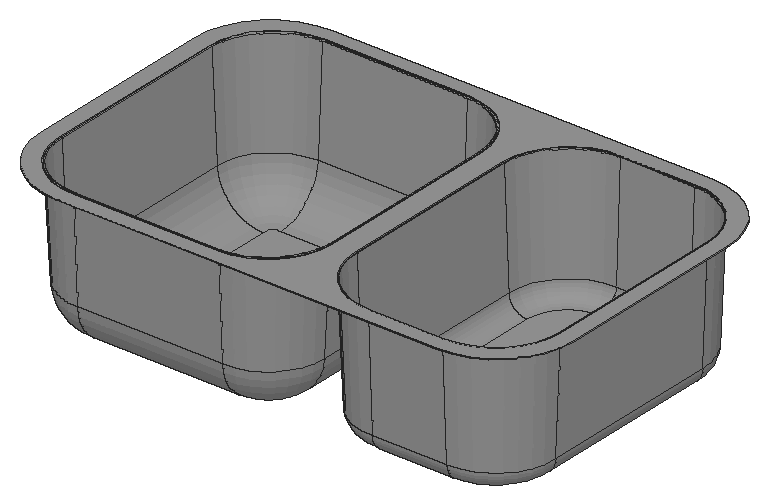
Revit family "Reece_Sink_Posh_Solus MK3_Undermount Sink_1 & 3 Quarters Bowl", category Plumbing Fixtures, host Face, Revit 2018
Family settings
  Host = Face
  Round Connector Dimension = Use Diameter
  Part Type = Normal
  Cut with Voids When Loaded = No
  Shared = Yes
  Room Calculation Point = Yes
Parameters (values of type "0 Taphole_Stainless Steel")
  WFU = 0  # constant formula
  URL = "https://www.reece.com.au/product/-2402565"
  Type Comments = "Undermount Sink"
  Reece_Sink_is_Undermount [instance] = 1 = 1  # yes
  Reece_Sink_Undermount_Offset [instance] = 20 mm
  Reece_Sink_Undermount_Offset_formula [instance] = if(Reece_Sink_Undermount_Offset < 0 mm, 0 mm, if(Reece_Sink_is_Undermount, Reece_Sink_Undermount_Offset + Reece_Sink_Lip Thickness, 0 mm))  # 21 mm
  Reece_Sink_Type = Reece_Sink_Posh_Solus MK3_Undermount Sink_1 & 3 Quarters Bowl_Nested : No Taphole_No Drainer_Stainless Steel
  Reece_Sink_Outlet = 40 mm  # constant formula
  Reece_Sink_Lip Thickness = 1 mm  # constant formula
  Reece_Product_Web Page = "https://www.reece.com.au/product/-2402565"
  Reece_Product_Type = "Undermount Sink"  # constant formula
  Reece_Product_Sub Brand = "Solus MK3"  # constant formula
  Reece_Product_Number = "2402565"
  Reece_Product_Mount = "Undermount"
  Reece_Product_Description = "Posh Solus MK3 1 3/4 Bowl Undermount Sink, No Taphole, Stainless Steel"
  Reece_Product_Brand = "Posh"  # constant formula
  Reece_Overall_Width = 695 mm  # constant formula
  Reece_Overall_Length = 450 mm  # constant formula
  Reece_Overall_Height = 200 mm  # constant formula
  Reece_Overall_Capacity = 40.50 L  # constant formula
  Reece_Material_Secondary = Reece_Metal_Steel
  Reece_Material_Main = Reece_Metal_Steel
  Reece_Detail_Installation = "Undermount"  # constant formula
  Reece_Detail_Disclaimer = "THIS FILE IS THE PROPERTY OF THE REECE GROUP. IT MAY NOT BE REPRODUCED, REVERSE-ENGINEERED OR MODIFIED. ANY REPUBLICATION, TRANSMISSION OR DISTRIBUTION FOR THE PURPOSE OF COMMERCIALLY EXPLOITING THE FILES IS PROHIBITED."  # constant formula
  Reece_Detail_Connector = "No Taphole"  # constant formula
  Reece_Detail_Additional = "No Overflow"  # constant formula
  Model = "Solus MK3"
  Manufacturer = "Posh"
  Keynote = "Product #2402565, Reece_Sink_Posh_Solus MK3_Undermount Sink_1 & 3 Quarters Bowl - 0 Taphole_Stainless Steel"
  HWFU = 0  # constant formula
  Disclaimer = "THIS FILE IS THE PROPERTY OF THE REECE GROUP. IT MAY NOT BE REPRODUCED, REVERSE-ENGINEERED OR MODIFIED. ANY REPUBLICATION, TRANSMISSION OR DISTRIBUTION FOR THE PURPOSE OF COMMERCIALLY EXPLOITING THE FILES IS PROHIBITED."  # constant formula
  Description = "1 & 3/4 Bowl\r\n\r\n"
  Default Elevation = 0 mm
  CWFU = 0  # constant formula
Reference planes
  plane 1 "Center (Front/Back)": y = -79.125
  plane 2 "Top of surface": z = 0
  plane 3 "Center (Left/Right)": x = 0
  plane 4 "Lip": z = -21
  plane 5: y = -4.633
  plane 6: y = -3.955
  plane 7: x = 192.968
  plane 8: x = -147.827
  plane 9 "Top of void": z = 10
  plane 10 "Top of Sink": z = -20
  plane 11: x = 347.5
  plane 12: x = -347.5
  plane 13: y = 145.875
  plane 14: y = -304.125
  plane 15: z = -220
Forms (mm)
  Extrusion 1, void
    sketch origin (0, 0, 0) x (1, 0, 0) y (0, 1, 0)
      loop
        arc (347.5, 45.875) -> (318.211, 116.586) -> (247.5, 145.875) r 100
        line (247.5, 145.875) -> (-247.5, 145.875)
        arc (-247.5, 145.875) -> (-318.211, 116.586) -> (-347.5, 45.875) r 100
        line (-347.5, 45.875) -> (-347.5, -204.125)
        arc (-347.5, -204.125) -> (-318.211, -274.835) -> (-247.5, -304.125) r 100
        line (-247.5, -304.125) -> (247.5, -304.125)
        arc (247.5, -304.125) -> (318.211, -274.835) -> (347.5, -204.125) r 100
        line (347.5, -204.125) -> (347.5, 45.875)
    from -255.336 to -20
  Extrusion 2, void
    sketch origin (0, 0, 0) x (1, 0, 0) y (0, 1, 0)
      loop
        line (240, 125.875) -> (-243.153, 125.875)
        arc (-243.153, 125.875) -> (-301.735, 101.61) -> (-326, 43.028) r 82.847
        line (-326, 43.028) -> (-326, -201.278)
        arc (-326, -201.278) -> (-301.735, -259.859) -> (-243.153, -284.125) r 82.847
        line (-243.153, -284.125) -> (241, -284.125)
        arc (241, -284.125) -> (301.104, -259.229) -> (326, -199.125) r 85
        line (326, -199.125) -> (326, 39.875)
        arc (326, 39.875) -> (300.811, 100.687) -> (240, 125.875) r 86
    from -21 to 10
Text (mm)
  text "Reece Copyright © 2018, Reece Ltd." at (-902.343, -740.328, 0), in view "Ref. Level"
  text "Reece ©" at (44.384, 258.95, 192.345), in view "Reece Preview"
Dimensions and locks
  "Reece_Sink_Undermount_Offset_formula": plane 2 "Top of surface" to plane 4 "Lip"
  locked: plane 9 "Top of void" to plane 2 "Top of surface" at 10
  locked: plane 10 "Top of Sink" to plane 4 "Lip" at 1
  "Reece_Overall_Length": plane 13 to plane 14
  "Reece_Overall_Width": plane 12 to plane 11
  "Reece_Overall_Height": plane 10 "Top of Sink" to plane 15
  aligned and locked: plane 2 "Top of surface" to host face
  aligned and locked: level to host face
  aligned and locked: plane 3 "Center (Left/Right)" to nested 1
  aligned and locked: Extrusion 2 to plane 4 "Lip"
  aligned and locked: Extrusion 2 to plane 9 "Top of void"
  aligned and locked: Extrusion 1 to plane 10 "Top of Sink"
Automatic sketch dimensions
  host sketch curve to host sketch curve = 801.051 mm
  host sketch curve to host sketch curve = 660.299 mm
  Extrusion 1 sketch curve to plane 1 "Center (Front/Back)" = 125 mm
  plane 1 "Center (Front/Back)" to Extrusion 1 sketch curve = 125 mm
  Extrusion 1 sketch curve to Extrusion 1 sketch curve = 100 mm  (x4)
  plane 3 "Center (Left/Right)" to Extrusion 1 sketch curve = 247.5 mm
  plane 3 "Center (Left/Right)" to Extrusion 2 sketch curve = 240 mm
  Extrusion 2 sketch curve to plane 1 "Center (Front/Back)" = 119 mm
  Extrusion 2 sketch curve to Extrusion 2 sketch curve = 86 mm
  Extrusion 2 sketch curve to Extrusion 2 sketch curve = 82.847 mm  (x2)
  Extrusion 2 sketch curve to plane 7 = 48.032 mm  (x2)
  Extrusion 2 sketch curve to Extrusion 2 sketch curve = 0 mm  (x4)
  Extrusion 2 sketch curve to plane 6 = 46.984 mm  (x2)
  Extrusion 1 sketch curve to plane 12 = 0 mm
  plane 8 to Extrusion 2 sketch curve = 95.326 mm  (x2)
  plane 14 to Extrusion 2 sketch curve = 105 mm
  plane 14 to Extrusion 2 sketch curve = 102.847 mm
Nested families
  nested 1: "Reece_Sink_Posh_Solus MK3_Undermount Sink_1 & 3 Quarters Bowl_Nested" at (0, 0, -21), type <- "Reece_Sink_Type", Reece_Material_Main <- "Reece_Material_Main", Reece_Material_Secondary <- "Reece_Material_Secondary", type "No Taphole_No Drainer_Stainless Steel"
    with Reece_Material_Secondary Reece_Metal_Steel, Reece_Material_Main Reece_Metal_Steel
Connectors
  piping at (-147.827, -4.633, -254.505), diameter 40, driven by "Reece_Sink_Outlet"
    settings: on nested 1, index 1, connector inside diameter 609.6 mm, connector length 0 mm, flow factor 0, pipe flow 0.0 L/s, pressure drop 0.0 Pa, fitting loss kfactor 0, connector angle 0.00°, fixture units 0, engagement length 0 mm, angle of deflection 0.00°, flow configuration 0, flow direction 2, fitting loss method 0, system type 16, joint type 0, gender type 0, connector reference index -1, connector utility 0, adjustable connector no, is connector primary yes, connector description ""
  piping at (192.968, -3.955, -234.407), diameter 40, driven by "Reece_Sink_Outlet"
    settings: on nested 1, index 2, connector inside diameter 609.6 mm, connector length 0 mm, flow factor 0, pipe flow 0.0 L/s, pressure drop 0.0 Pa, fitting loss kfactor 0, connector angle 0.00°, fixture units 0, engagement length 0 mm, angle of deflection 0.00°, flow configuration 0, flow direction 2, fitting loss method 0, system type 16, joint type 0, gender type 0, connector reference index -1, connector utility 0, adjustable connector no, is connector primary no, connector description ""
Definition of nested family "Reece_Sink_Posh_Solus MK3_Undermount Sink_1 & 3 Quarters Bowl_Nested"
  Parameters (values of type "No Taphole_No Drainer_Stainless Steel")
    WFU = 0  # constant formula
    Reece_Sink_Outlet 1 = 40 mm  # constant formula
    Reece_Product_Web Page = "https://www.reece.com.au/product/-2402565"
    Reece_Product_Type = "Undermount Sink"  # constant formula
    Reece_Product_Sub Brand = "Solus MK3"  # constant formula
    Reece_Product_Number = "2402565"
    Reece_Product_Mount = "Undermount"  # constant formula
    Reece_Product_Description = "1 & 3/4 Bowl\r\n\r\n"  # constant formula
    Reece_Product_Brand = "Posh"  # constant formula
    Reece_Overall_Width = 695 mm  # constant formula
    Reece_Overall_Length = 450 mm  # constant formula
    Reece_Overall_Height = 200 mm  # constant formula
    Reece_Overall_Capacity = 40.50 L  # constant formula
    Reece_Material_Secondary [instance] = none
    Reece_Material_Main [instance] = none
    Reece_Detail_Installation = "Undermount"  # constant formula
    Reece_Detail_Connector = "No Taphole"  # constant formula
    Reece_Detail_Additional = "No Overflow"  # constant formula
    HWFU = 0  # constant formula
    Default Elevation = 1000 mm
    CWFU = 0  # constant formula
  Reference planes
    plane 1 "Center (Front/Back)": y = -79.125
    plane 2 "Bottom": z = 0
    plane 3 "Center (Left/Right)": x = 0
    plane 4: y = 145.875
    plane 5: x = 347.5
    plane 6: x = -347.5
    plane 7: y = -304.125
    plane 8: z = -210.558
    plane 9: z = -199
    plane 10: z = -179
    plane 11: x = 192.968
    plane 12: x = -147.827
    plane 13: x = -347.5
    plane 14: z = 1
  Forms (mm)
    Extrusion 1, solid
      sketch origin (619.2, -619.2, 0) x (1, 0, 0) y (0, 1, 0)
        loop
          line (-1286.137, 839.2) -> (-1286.137, 178.901) -> (54.043, 178.901) -> (54.043, 839.2) -> (-1286.137, 839.2)
      from 0 to -216.096
    Extrusion 2, solid, material <- "Reece_Material_Main"
      sketch origin (0, 0, 0) x (1, 0, 0) y (0, 1, 0)
        loop
          line (247.5, 145.875) -> (-247.5, 145.875)
          arc (-247.5, 145.875) -> (-318.211, 116.586) -> (-347.5, 45.875) r 100
          line (-347.5, 45.875) -> (-347.5, -204.125)
          arc (-347.5, -204.125) -> (-318.211, -274.835) -> (-247.5, -304.125) r 100
          line (-247.5, -304.125) -> (247.5, -304.125)
          arc (247.5, -304.125) -> (318.211, -274.835) -> (347.5, -204.125) r 100
          line (347.5, -204.125) -> (347.5, 45.875)
          arc (347.5, 45.875) -> (318.211, 116.586) -> (247.5, 145.875) r 100
        loop
          arc (-243.153, 125.875) -> (-301.735, 101.61) -> (-326, 43.028) r 82.847
          line (-326, 43.028) -> (-326, -201.278)
          arc (-326, -201.278) -> (-301.735, -259.859) -> (-243.153, -284.125) r 82.847
          line (-243.153, -284.125) -> (-53.847, -284.125)
          arc (-53.847, -284.125) -> (4.735, -259.859) -> (29, -201.278) r 82.847
          line (29, -201.278) -> (29, 43.028)
          arc (29, 43.028) -> (4.735, 101.61) -> (-53.847, 125.875) r 82.847
          line (-53.847, 125.875) -> (-243.153, 125.875)
        loop
          arc (144, 125.875) -> (83.896, 100.979) -> (59, 40.875) r 85
          line (59, 40.875) -> (59, -199.125)
          arc (59, -199.125) -> (83.896, -259.229) -> (144, -284.125) r 85
          line (144, -284.125) -> (241, -284.125)
          arc (241, -284.125) -> (301.104, -259.229) -> (326, -199.125) r 85
          line (326, -199.125) -> (326, 40.875)
          arc (326, 40.875) -> (301.104, 100.979) -> (241, 125.875) r 85
          line (241, 125.875) -> (144, 125.875)
      from 1 to 0
    Sweep 3, solid, material <- "Reece_Material_Main"
      path in 3D
        loop
          arc (132.968, -3.955, -172) -> (192.968, -63.955, -172) -> (252.968, -3.955, -172) r 60
          arc (252.968, -3.955, -172) -> (192.968, 56.045, -172) -> (132.968, -3.955, -172) r 60
      profile origin (132.968, -3.955, -172) x (1, 0, 0) y (0, 0, 1)
        loop
          line (0, 0) -> (0, -0.8) -> (15, -7) -> (15, -6.138) -> (0, 0)
    Revolve 4, solid, material <- "Reece_Material_Main"
      sketch origin (192.968, -3.955, -34) x (1, 0, 0) y (0, 0, 1)
        loop
          line (18, -179.407) -> (20, -179.407) -> (20, -166.191)
          arc (20, -166.191) -> (33.742, -157.061) -> (45, -145) r 70.835
          line (45, -145) -> (42.497, -145)
          arc (42.497, -145) -> (31.409, -156.4) -> (18, -164.952) r 68.835
          line (18, -164.952) -> (18, -179.407)
        axis (0, -145) -> (0, -179.407)
      angle from 0 to 360
    Extrusion 5, void
      sketch origin (192.968, 75.169, -32) x (1, 0, 0) y (0, 1, 0)
        loop
          arc (-31.713, -77.625) -> (-33.213, -79.125) -> (-31.713, -80.625) r 1.5
          line (-31.713, -80.625) -> (-21.713, -80.625)
          arc (-21.713, -80.625) -> (-20.213, -79.125) -> (-21.713, -77.625) r 1.5
          line (-21.713, -77.625) -> (-31.713, -77.625)
        loop
          arc (-29.287, -66.869) -> (-31.21, -67.765) -> (-30.313, -69.688) r 1.5
          line (-30.313, -69.688) -> (-20.916, -73.108)
          arc (-20.916, -73.108) -> (-18.994, -72.212) -> (-19.89, -70.289) r 1.5
          line (-19.89, -70.289) -> (-29.287, -66.869)
        loop
          arc (-23.329, -57.591) -> (-25.442, -57.776) -> (-25.257, -59.889) r 1.5
          line (-25.257, -59.889) -> (-17.597, -66.317)
          arc (-17.597, -66.317) -> (-15.484, -66.132) -> (-15.669, -64.019) r 1.5
          line (-15.669, -64.019) -> (-23.329, -57.591)
        loop
          arc (-14.557, -50.911) -> (-16.606, -50.362) -> (-17.155, -52.411) r 1.5
          line (-17.155, -52.411) -> (-12.155, -61.071)
          arc (-12.155, -61.071) -> (-10.106, -61.62) -> (-9.557, -59.571) r 1.5
          line (-9.557, -59.571) -> (-14.557, -50.911)
        loop
          arc (-4.03, -47.633) -> (-5.767, -46.417) -> (-6.984, -48.154) r 1.5
          line (-6.984, -48.154) -> (-5.248, -58.002)
          arc (-5.248, -58.002) -> (-3.51, -59.219) -> (-2.293, -57.481) r 1.5
          line (-2.293, -57.481) -> (-4.03, -47.633)
        loop
          line (31.713, -77.625) -> (21.713, -77.625)
          arc (21.713, -77.625) -> (20.213, -79.125) -> (21.713, -80.625) r 1.5
          line (21.713, -80.625) -> (31.713, -80.625)
          arc (31.713, -80.625) -> (33.213, -79.125) -> (31.713, -77.625) r 1.5
        loop
          line (29.287, -66.869) -> (19.89, -70.289)
          arc (19.89, -70.289) -> (18.994, -72.212) -> (20.916, -73.108) r 1.5
          line (20.916, -73.108) -> (30.313, -69.688)
          arc (30.313, -69.688) -> (31.21, -67.765) -> (29.287, -66.869) r 1.5
        loop
          line (23.329, -57.591) -> (15.669, -64.019)
          arc (15.669, -64.019) -> (15.484, -66.132) -> (17.597, -66.317) r 1.5
          line (17.597, -66.317) -> (25.257, -59.889)
          arc (25.257, -59.889) -> (25.442, -57.776) -> (23.329, -57.591) r 1.5
        loop
          line (14.557, -50.911) -> (9.557, -59.571)
          arc (9.557, -59.571) -> (10.106, -61.62) -> (12.155, -61.071) r 1.5
          line (12.155, -61.071) -> (17.155, -52.411)
          arc (17.155, -52.411) -> (16.606, -50.362) -> (14.557, -50.911) r 1.5
        loop
          line (4.03, -47.633) -> (2.293, -57.481)
          arc (2.293, -57.481) -> (3.51, -59.219) -> (5.248, -58.002) r 1.5
          line (5.248, -58.002) -> (6.984, -48.154)
          arc (6.984, -48.154) -> (5.767, -46.417) -> (4.03, -47.633) r 1.5
        loop
          line (-29.287, -91.381) -> (-19.89, -87.96)
          arc (-19.89, -87.96) -> (-18.994, -86.038) -> (-20.916, -85.141) r 1.5
          line (-20.916, -85.141) -> (-30.313, -88.561)
          arc (-30.313, -88.561) -> (-31.21, -90.484) -> (-29.287, -91.381) r 1.5
        loop
          line (-23.329, -100.658) -> (-15.669, -94.23)
          arc (-15.669, -94.23) -> (-15.484, -92.117) -> (-17.597, -91.932) r 1.5
          line (-17.597, -91.932) -> (-25.257, -98.36)
          arc (-25.257, -98.36) -> (-25.442, -100.473) -> (-23.329, -100.658) r 1.5
        loop
          line (-14.557, -107.339) -> (-9.557, -98.678)
          arc (-9.557, -98.678) -> (-10.106, -96.629) -> (-12.155, -97.178) r 1.5
          line (-12.155, -97.178) -> (-17.155, -105.839)
          arc (-17.155, -105.839) -> (-16.606, -107.888) -> (-14.557, -107.339) r 1.5
        loop
          line (-4.03, -110.616) -> (-2.293, -100.768)
          arc (-2.293, -100.768) -> (-3.51, -99.03) -> (-5.248, -100.247) r 1.5
          line (-5.248, -100.247) -> (-6.984, -110.095)
          arc (-6.984, -110.095) -> (-5.767, -111.833) -> (-4.03, -110.616) r 1.5
        loop
          arc (29.287, -91.381) -> (31.21, -90.484) -> (30.313, -88.561) r 1.5
          line (30.313, -88.561) -> (20.916, -85.141)
          arc (20.916, -85.141) -> (18.994, -86.038) -> (19.89, -87.96) r 1.5
          line (19.89, -87.96) -> (29.287, -91.381)
        loop
          arc (23.329, -100.658) -> (25.442, -100.473) -> (25.257, -98.36) r 1.5
          line (25.257, -98.36) -> (17.597, -91.932)
          arc (17.597, -91.932) -> (15.484, -92.117) -> (15.669, -94.23) r 1.5
          line (15.669, -94.23) -> (23.329, -100.658)
        loop
          arc (14.557, -107.339) -> (16.606, -107.888) -> (17.155, -105.839) r 1.5
          line (17.155, -105.839) -> (12.155, -97.178)
          arc (12.155, -97.178) -> (10.106, -96.629) -> (9.557, -98.678) r 1.5
          line (9.557, -98.678) -> (14.557, -107.339)
        loop
          arc (4.03, -110.616) -> (5.767, -111.833) -> (6.984, -110.095) r 1.5
          line (6.984, -110.095) -> (5.248, -100.247)
          arc (5.248, -100.247) -> (3.51, -99.03) -> (2.293, -100.768) r 1.5
          line (2.293, -100.768) -> (4.03, -110.616)
      from -163.164 to -144.519
    Revolve 6, solid, material <- "Reece_Material_Secondary"
      sketch origin (192.968, -3.955, -37.423) x (1, 0, 0) y (0, 0, 1)
        loop
          line (0, -152.417) -> (17, -152.417)
          arc (17, -152.417) -> (28.199, -148.676) -> (34.901, -138.954) r 18.633
          line (34.901, -138.954) -> (36.005, -138.954) -> (36.005, -137.74) -> (47.725, -137.74) -> (51, -137.74) -> (51, -136.74) -> (35.607, -136.74)
          arc (35.607, -136.74) -> (35.181, -136.916) -> (35.005, -137.342) r 0.601
          line (35.005, -137.342) -> (35.005, -138.298)
          arc (35.005, -138.298) -> (34.503, -137.796) -> (34, -138.298) r 0.503
          arc (34, -138.298) -> (27.686, -147.643) -> (17, -151.25) r 17.633
          line (17, -151.25) -> (3.952, -151.25)
          arc (3.952, -151.25) -> (2.141, -144.627) -> (1.845, -137.768) r 30.745
          line (1.845, -137.768) -> (3.71, -137.768)
          arc (3.71, -137.768) -> (4.215, -137.333) -> (3.849, -136.776) r 0.505
          arc (3.849, -136.776) -> (1.942, -136.383) -> (0, -136.252) r 14.402
          line (0, -136.252) -> (0, -152.417)
        axis (0, -136.252) -> (0, -152.417)
      angle from 0 to 360
    Revolve 7, solid, material <- "Reece_Material_Main"
      sketch origin (-147.827, -4.633, -52.947) x (1, 0, 0) y (0, 0, 1)
        loop
          line (18, -180.558) -> (20, -180.558) -> (20, -167.342)
          arc (20, -167.342) -> (33.772, -158.156) -> (45, -145.99) r 69.965
          line (45, -145.99) -> (42.511, -145.99)
          arc (42.511, -145.99) -> (31.445, -157.496) -> (18, -166.102) r 67.965
          line (18, -166.102) -> (18, -180.558)
        axis (0, -145.99) -> (0, -180.558)
      angle from 0 to 360
    Extrusion 8, void
      sketch origin (-147.827, 74.492, -11.978) x (1, 0, 0) y (0, 1, 0)
        loop
          arc (-31.713, -77.625) -> (-33.213, -79.125) -> (-31.713, -80.625) r 1.5
          line (-31.713, -80.625) -> (-21.713, -80.625)
          arc (-21.713, -80.625) -> (-20.213, -79.125) -> (-21.713, -77.625) r 1.5
          line (-21.713, -77.625) -> (-31.713, -77.625)
        loop
          arc (-29.287, -66.869) -> (-31.21, -67.765) -> (-30.313, -69.688) r 1.5
          line (-30.313, -69.688) -> (-20.916, -73.108)
          arc (-20.916, -73.108) -> (-18.994, -72.212) -> (-19.89, -70.289) r 1.5
          line (-19.89, -70.289) -> (-29.287, -66.869)
        loop
          arc (-23.329, -57.591) -> (-25.442, -57.776) -> (-25.257, -59.889) r 1.5
          line (-25.257, -59.889) -> (-17.597, -66.317)
          arc (-17.597, -66.317) -> (-15.484, -66.132) -> (-15.669, -64.019) r 1.5
          line (-15.669, -64.019) -> (-23.329, -57.591)
        loop
          arc (-14.557, -50.911) -> (-16.606, -50.362) -> (-17.155, -52.411) r 1.5
          line (-17.155, -52.411) -> (-12.155, -61.071)
          arc (-12.155, -61.071) -> (-10.106, -61.62) -> (-9.557, -59.571) r 1.5
          line (-9.557, -59.571) -> (-14.557, -50.911)
        loop
          arc (-4.03, -47.633) -> (-5.767, -46.417) -> (-6.984, -48.154) r 1.5
          line (-6.984, -48.154) -> (-5.248, -58.002)
          arc (-5.248, -58.002) -> (-3.51, -59.219) -> (-2.293, -57.481) r 1.5
          line (-2.293, -57.481) -> (-4.03, -47.633)
        loop
          line (31.713, -77.625) -> (21.713, -77.625)
          arc (21.713, -77.625) -> (20.213, -79.125) -> (21.713, -80.625) r 1.5
          line (21.713, -80.625) -> (31.713, -80.625)
          arc (31.713, -80.625) -> (33.213, -79.125) -> (31.713, -77.625) r 1.5
        loop
          line (29.287, -66.869) -> (19.89, -70.289)
          arc (19.89, -70.289) -> (18.994, -72.212) -> (20.916, -73.108) r 1.5
          line (20.916, -73.108) -> (30.313, -69.688)
          arc (30.313, -69.688) -> (31.21, -67.765) -> (29.287, -66.869) r 1.5
        loop
          line (23.329, -57.591) -> (15.669, -64.019)
          arc (15.669, -64.019) -> (15.484, -66.132) -> (17.597, -66.317) r 1.5
          line (17.597, -66.317) -> (25.257, -59.889)
          arc (25.257, -59.889) -> (25.442, -57.776) -> (23.329, -57.591) r 1.5
        loop
          line (14.557, -50.911) -> (9.557, -59.571)
          arc (9.557, -59.571) -> (10.106, -61.62) -> (12.155, -61.071) r 1.5
          line (12.155, -61.071) -> (17.155, -52.411)
          arc (17.155, -52.411) -> (16.606, -50.362) -> (14.557, -50.911) r 1.5
        loop
          line (4.03, -47.633) -> (2.293, -57.481)
          arc (2.293, -57.481) -> (3.51, -59.219) -> (5.248, -58.002) r 1.5
          line (5.248, -58.002) -> (6.984, -48.154)
          arc (6.984, -48.154) -> (5.767, -46.417) -> (4.03, -47.633) r 1.5
        loop
          line (-29.287, -91.381) -> (-19.89, -87.96)
          arc (-19.89, -87.96) -> (-18.994, -86.038) -> (-20.916, -85.141) r 1.5
          line (-20.916, -85.141) -> (-30.313, -88.561)
          arc (-30.313, -88.561) -> (-31.21, -90.484) -> (-29.287, -91.381) r 1.5
        loop
          line (-23.329, -100.658) -> (-15.669, -94.23)
          arc (-15.669, -94.23) -> (-15.484, -92.117) -> (-17.597, -91.932) r 1.5
          line (-17.597, -91.932) -> (-25.257, -98.36)
          arc (-25.257, -98.36) -> (-25.442, -100.473) -> (-23.329, -100.658) r 1.5
        loop
          line (-14.557, -107.339) -> (-9.557, -98.678)
          arc (-9.557, -98.678) -> (-10.106, -96.629) -> (-12.155, -97.178) r 1.5
          line (-12.155, -97.178) -> (-17.155, -105.839)
          arc (-17.155, -105.839) -> (-16.606, -107.888) -> (-14.557, -107.339) r 1.5
        loop
          line (-4.03, -110.616) -> (-2.293, -100.768)
          arc (-2.293, -100.768) -> (-3.51, -99.03) -> (-5.248, -100.247) r 1.5
          line (-5.248, -100.247) -> (-6.984, -110.095)
          arc (-6.984, -110.095) -> (-5.767, -111.833) -> (-4.03, -110.616) r 1.5
        loop
          arc (29.287, -91.381) -> (31.21, -90.484) -> (30.313, -88.561) r 1.5
          line (30.313, -88.561) -> (20.916, -85.141)
          arc (20.916, -85.141) -> (18.994, -86.038) -> (19.89, -87.96) r 1.5
          line (19.89, -87.96) -> (29.287, -91.381)
        loop
          arc (23.329, -100.658) -> (25.442, -100.473) -> (25.257, -98.36) r 1.5
          line (25.257, -98.36) -> (17.597, -91.932)
          arc (17.597, -91.932) -> (15.484, -92.117) -> (15.669, -94.23) r 1.5
          line (15.669, -94.23) -> (23.329, -100.658)
        loop
          arc (14.557, -107.339) -> (16.606, -107.888) -> (17.155, -105.839) r 1.5
          line (17.155, -105.839) -> (12.155, -97.178)
          arc (12.155, -97.178) -> (10.106, -96.629) -> (9.557, -98.678) r 1.5
          line (9.557, -98.678) -> (14.557, -107.339)
        loop
          arc (4.03, -110.616) -> (5.767, -111.833) -> (6.984, -110.095) r 1.5
          line (6.984, -110.095) -> (5.248, -100.247)
          arc (5.248, -100.247) -> (3.51, -99.03) -> (2.293, -100.768) r 1.5
          line (2.293, -100.768) -> (4.03, -110.616)
      from -204.763 to -186.473
    Revolve 9, solid, material <- "Reece_Material_Secondary"
      sketch origin (-147.827, -4.633, -54.488) x (1, 0, 0) y (0, 0, 1)
        loop
          line (0, -156.338) -> (16.998, -156.338)
          arc (16.998, -156.338) -> (28.197, -152.597) -> (34.898, -142.876) r 18.633
          line (34.898, -142.876) -> (36.003, -142.876) -> (36.003, -141.662) -> (47.722, -141.662) -> (50.998, -141.662) -> (50.998, -140.662) -> (35.604, -140.662)
          arc (35.604, -140.662) -> (35.179, -140.838) -> (35.003, -141.263) r 0.601
          line (35.003, -141.263) -> (35.003, -142.22)
          arc (35.003, -142.22) -> (34.5, -141.717) -> (33.998, -142.22) r 0.503
          arc (33.998, -142.22) -> (27.683, -151.565) -> (16.998, -155.172) r 17.633
          line (16.998, -155.172) -> (3.95, -155.172)
          arc (3.95, -155.172) -> (2.139, -148.549) -> (1.843, -141.689) r 30.745
          line (1.843, -141.689) -> (3.708, -141.689)
          arc (3.708, -141.689) -> (4.213, -141.254) -> (3.848, -140.696) r 0.506
          arc (3.848, -140.696) -> (1.942, -140.304) -> (0, -140.173) r 14.401
          line (0, -140.173) -> (0, -156.338)
        axis (0, -140.173) -> (0, -156.338)
      angle from 0 to 360
    Sweep 10, solid, material <- "Reece_Material_Main"
      path in 3D
        loop
          arc (-207.827, -4.633, -192.978) -> (-147.827, -64.633, -192.978) -> (-87.827, -4.633, -192.978) r 60
          arc (-87.827, -4.633, -192.978) -> (-147.827, 55.367, -192.978) -> (-207.827, -4.633, -192.978) r 60
      profile origin (-207.827, -4.633, -192.978) x (1, 0, 0) y (0, 0, 1)
        loop
          line (0, 0) -> (0, -0.8) -> (15, -5.96) -> (15, -5.16) -> (0, 0)
    Sweep 11, solid, material <- "Reece_Material_Main"
      path origin (192.968, -55.468, 0) x (1, 0, 0) y (0, 1, 0)
        loop
          arc (-133.968, -143.656) -> (-109.072, -203.76) -> (-48.968, -228.656) r 85
          line (-48.968, -228.656) -> (48.032, -228.656)
          arc (48.032, -228.656) -> (108.136, -203.76) -> (133.032, -143.656) r 85
          line (133.032, -143.656) -> (133.032, 96.344)
          arc (133.032, 96.344) -> (108.136, 156.448) -> (48.032, 181.344) r 85
          line (48.032, 181.344) -> (-48.968, 181.344)
          arc (-48.968, 181.344) -> (-109.072, 156.448) -> (-133.968, 96.344) r 85
          line (-133.968, 96.344) -> (-133.968, -143.656)
      profile origin (59, -79.125, 0) x (-1, 0, 0) y (0, 0, 1)
        loop
          line (-36.318, -171.997) -> (-36.318, -172.998) -> (-30.943, -172.998)
          arc (-30.943, -172.998) -> (-13.821, -166.167) -> (-6.104, -149.426) r 24.873
          arc (-6.104, -149.426) -> (-2.622, -74.756) -> (0, -0.051) r 6489.685
          line (0, -0.051) -> (0, 1) -> (-0.677, 0.323)
          arc (-0.677, 0.323) -> (-0.92, -0.035) -> (-1.013, -0.456) r 1.149
          arc (-1.013, -0.456) -> (-3.631, -74.932) -> (-7.104, -149.373) r 6488.684
          arc (-7.104, -149.373) -> (-14.511, -165.441) -> (-30.944, -171.997) r 23.873
          line (-30.944, -171.997) -> (-36.318, -171.997)
    Sweep 12, solid, material <- "Reece_Material_Main"
      path origin (-147.968, -18.968, 0) x (1, 0, 0) y (0, 1, 0)
        loop
          line (-178.032, 61.997) -> (-178.032, -182.309)
          arc (-178.032, -182.309) -> (-153.766, -240.891) -> (-95.185, -265.156) r 82.847
          line (-95.185, -265.156) -> (94.121, -265.156)
          arc (94.121, -265.156) -> (152.703, -240.891) -> (176.968, -182.309) r 82.847
          line (176.968, -182.309) -> (176.968, 61.997)
          arc (176.968, 61.997) -> (152.703, 120.578) -> (94.121, 144.844) r 82.847
          line (94.121, 144.844) -> (-95.185, 144.844)
          arc (-95.185, 144.844) -> (-153.766, 120.578) -> (-178.032, 61.997) r 82.847
      profile origin (-301.735, 101.61, 0) x (-0.707107, 0.707107, 0) y (0, 0, 1)
        loop
          arc (-1.585, 1) -> (-2.273, 0.725) -> (-2.584, 0.052) r 1
          line (-2.584, 0.052) -> (-9.72, -136.118)
          arc (-9.72, -136.118) -> (-28.337, -176.5) -> (-69.638, -192.978) r 60
          line (-69.638, -192.978) -> (-69.638, -193.978)
          arc (-69.638, -193.978) -> (-27.648, -177.226) -> (-8.721, -136.171) r 61
          line (-8.721, -136.171) -> (-1.616, -0.596)
          arc (-1.616, -0.596) -> (-1.421, -0.173) -> (-0.988, 0) r 0.629
          line (-0.988, 0) -> (0, 0) -> (0, 1) -> (-1.585, 1)
    Extrusion 13, solid, material <- "Reece_Material_Main"
      sketch origin (0, -79.044, 9.703) x (1, 0, 0) y (0, 1, 0)
        loop
          arc (241, -169.763) -> (276.13, -155.211) -> (290.682, -120.081) r 49.682
          line (290.682, -120.081) -> (290.682, 119.919)
          arc (290.682, 119.919) -> (276.13, 155.049) -> (241, 169.601) r 49.682
          line (241, 169.601) -> (144, 169.601)
          arc (144, 169.601) -> (108.87, 155.049) -> (94.318, 119.919) r 49.682
          line (94.318, 119.919) -> (94.318, -120.081)
          arc (94.318, -120.081) -> (108.87, -155.211) -> (144, -169.763) r 49.682
          line (144, -169.763) -> (241, -169.763)
        loop
          circle (192.968, 75.089) r 60
      from -182.707 to -181.703
    Extrusion 14, solid, material <- "Reece_Material_Main"
      sketch origin (-350, -100.044, 15.703) x (1, 0, 0) y (0, 1, 0)
        loop
          circle (202.173, 95.411) r 60
        loop
          arc (106.847, 156.281) -> (97.507, 152.412) -> (93.638, 143.072) r 13.209
          line (93.638, 143.072) -> (93.638, -101.234)
          arc (93.638, -101.234) -> (97.507, -110.574) -> (106.847, -114.443) r 13.209
          line (106.847, -114.443) -> (296.153, -114.443)
          arc (296.153, -114.443) -> (305.493, -110.574) -> (309.362, -101.234) r 13.209
          line (309.362, -101.234) -> (309.362, 143.072)
          arc (309.362, 143.072) -> (305.493, 152.412) -> (296.153, 156.281) r 13.209
          line (296.153, 156.281) -> (106.847, 156.281)
      from -209.681 to -208.681
  Cuts and joins
    Extrusion 8 cuts Revolve 9
    Extrusion 5 cuts Revolve 6
    joined: Sweep 11, Sweep 12, Extrusion 13, Extrusion 14
  Lines and regions (mm)
    sketch lines
      curve 1: arc (252.968, -3.955, -172) -> (192.968, 56.045, -172) -> (132.968, -3.955, -172) r 60
      curve 2: arc (132.968, -3.955, -172) -> (192.968, -63.955, -172) -> (252.968, -3.955, -172) r 60
      curve 3: arc (-87.827, -4.633, -192.978) -> (-147.827, 55.367, -192.978) -> (-207.827, -4.633, -192.978) r 60
      curve 4: arc (-207.827, -4.633, -192.978) -> (-147.827, -64.633, -192.978) -> (-87.827, -4.633, -192.978) r 60
  Text (mm)
    text "Reece Copyright © 2018, Reece Ltd." at (-902.343, -740.328, 0), in view "Ref. Level"
    text "Reece ©" at (44.384, 258.95, 192.345), in view "Reece Preview"
  Dimensions and locks
    equal spacing: plane 6, plane 3 "Center (Left/Right)", plane 5
    "Reece_Overall_Width": plane 6 to plane 5
    "Reece_Overall_Length": plane 4 to plane 7
    equal spacing: plane 4, plane 1 "Center (Front/Back)", plane 7
    Extrusion 2 to plane 10 = 180 mm
    plane 6 to plane 12 = 199.673 mm
    plane 7 to plane 4 = 450 mm
    plane 13 to plane 5 = 695 mm
    "Reece_Overall_Height": plane 14 to plane 9
    aligned and locked: Extrusion 1 to plane 2 "Bottom"
    aligned and locked: Extrusion 1 to level
  Automatic sketch dimensions
    Extrusion 1 sketch curve to Extrusion 1 sketch curve = 1340.179 mm
    Extrusion 1 sketch curve to Extrusion 1 sketch curve = 660.299 mm
    Extrusion 2 sketch curve to plane 6 = 0 mm
    plane 7 to Extrusion 2 sketch curve = 0 mm
    Extrusion 2 sketch curve to plane 4 = 0 mm
    Extrusion 2 sketch curve to plane 5 = 0 mm
    Extrusion 2 sketch curve to plane 6 = 100 mm  (x2)
    Revolve 4 sketch curve to Revolve 4 sketch curve = 0 mm  (x3)
    Revolve 4 sketch curve to plane 9 = 14.407 mm
    Revolve 4 sketch curve to Revolve 4 sketch curve = 30.06 mm
    Revolve 4 sketch curve to Revolve 4 sketch curve = 2 mm
    Revolve 4 sketch curve to Revolve 4 sketch curve = 22.497 mm
    Revolve 4 sketch curve to Revolve 4 sketch curve = 2.503 mm
    Revolve 4 sketch curve to Revolve 4 sketch curve = 13.216 mm
    Revolve 4 sketch curve to Revolve 4 sketch curve = 1.24 mm
    Revolve 4 sketch curve to Revolve 4 sketch curve = 18 mm
    Revolve 4 sketch curve to Revolve 4 sketch curve = 15.952 mm
    Revolve 4 sketch curve to Revolve 4 sketch curve = 10.99 mm
    Extrusion 5 sketch curve to Extrusion 5 sketch curve = 1.399 mm  (x3)
    Extrusion 5 sketch curve to Extrusion 5 sketch curve = 0.513 mm  (x16)
    Extrusion 5 sketch curve to Extrusion 5 sketch curve = 4.03 mm  (x4)
    Extrusion 5 sketch curve to Extrusion 5 sketch curve = 0.964 mm  (x16)
    Extrusion 5 sketch curve to plane 1 "Center (Front/Back)" = 53.636 mm  (x2)
    Extrusion 5 sketch curve to Extrusion 5 sketch curve = 10 mm
    Extrusion 5 sketch curve to Extrusion 5 sketch curve = 0.796 mm  (x3)
    Extrusion 5 sketch curve to plane 1 "Center (Front/Back)" = 66.334 mm  (x2)
    Extrusion 5 sketch curve to Extrusion 5 sketch curve = 2.293 mm  (x4)
    Extrusion 5 sketch curve to plane 1 "Center (Front/Back)" = 48.456 mm  (x2)
    Extrusion 5 sketch curve to Extrusion 5 sketch curve = 6.174 mm  (x4)
    Extrusion 5 sketch curve to Extrusion 5 sketch curve = 1.299 mm  (x16)
    Extrusion 5 sketch curve to plane 1 "Center (Front/Back)" = 60.064 mm  (x2)
    Extrusion 5 sketch curve to plane 1 "Center (Front/Back)" = 46.956 mm  (x2)
    Extrusion 5 sketch curve to Extrusion 5 sketch curve = 3.513 mm  (x4)
    Extrusion 5 sketch curve to plane 1 "Center (Front/Back)" = 55.616 mm  (x2)
    Extrusion 5 sketch curve to Extrusion 5 sketch curve = 7.573 mm  (x4)
    Extrusion 5 sketch curve to plane 1 "Center (Front/Back)" = 44.199 mm  (x2)
    Extrusion 5 sketch curve to Extrusion 5 sketch curve = 1.477 mm  (x16)
    Extrusion 5 sketch curve to plane 1 "Center (Front/Back)" = 54.047 mm  (x2)
    Extrusion 5 sketch curve to Extrusion 5 sketch curve = 4.31 mm  (x4)
    Extrusion 5 sketch curve to plane 1 "Center (Front/Back)" = 43.678 mm  (x2)
    Extrusion 5 sketch curve to plane 1 "Center (Front/Back)" = 106.661 mm
    Extrusion 5 sketch curve to plane 1 "Center (Front/Back)" = 96.813 mm
    Extrusion 5 sketch curve to plane 1 "Center (Front/Back)" = 53.526 mm  (x2)
    Extrusion 5 sketch curve to Extrusion 5 sketch curve = 4.586 mm  (x2)
    Extrusion 5 sketch curve to Extrusion 5 sketch curve = 8.059 mm  (x2)
    Extrusion 5 sketch curve to plane 1 "Center (Front/Back)" = 96.292 mm
    Extrusion 5 sketch curve to plane 1 "Center (Front/Back)" = 106.14 mm
    Extrusion 5 sketch curve to plane 1 "Center (Front/Back)" = 57.116 mm
    Extrusion 5 sketch curve to plane 1 "Center (Front/Back)" = 93.223 mm
    Extrusion 5 sketch curve to plane 1 "Center (Front/Back)" = 101.883 mm
    Extrusion 5 sketch curve to plane 1 "Center (Front/Back)" = 62.362 mm
    Extrusion 5 sketch curve to plane 1 "Center (Front/Back)" = 87.977 mm
    Extrusion 5 sketch curve to plane 1 "Center (Front/Back)" = 69.153 mm
    Extrusion 5 sketch curve to plane 1 "Center (Front/Back)" = 81.186 mm
    Extrusion 5 sketch curve to plane 1 "Center (Front/Back)" = 55.934 mm
    Extrusion 5 sketch curve to plane 1 "Center (Front/Back)" = 65.733 mm
    Extrusion 5 sketch curve to Extrusion 5 sketch curve = 1.149 mm  (x6)
    Extrusion 5 sketch curve to Extrusion 5 sketch curve = 0.75 mm  (x5)
    Extrusion 5 sketch curve to Extrusion 5 sketch curve = 2.819 mm
    Extrusion 5 sketch curve to Extrusion 5 sketch curve = 6.98 mm  (x3)
    Extrusion 5 sketch curve to Extrusion 5 sketch curve = 1.41 mm  (x6)
    Extrusion 5 sketch curve to Extrusion 5 sketch curve = 7.937 mm  (x4)
    Extrusion 5 sketch curve to Extrusion 5 sketch curve = 1.5 mm  (x2)
    Extrusion 5 sketch curve to Extrusion 5 sketch curve = 4.517 mm
    Extrusion 5 sketch curve to Extrusion 5 sketch curve = 3.972 mm
    Extrusion 5 sketch curve to Extrusion 5 sketch curve = 2.948 mm
    Extrusion 5 sketch curve to Extrusion 5 sketch curve = 0.521 mm  (x2)
    Extrusion 5 sketch curve to Extrusion 5 sketch curve = 0.26 mm  (x2)
    Extrusion 5 sketch curve to Extrusion 5 sketch curve = 5.18 mm
    plane 9 to Revolve 6 sketch curve = 9.16 mm
    Revolve 6 sketch curve to Revolve 6 sketch curve = 1.845 mm
    Revolve 6 sketch curve to Revolve 6 sketch curve = 1.865 mm
    Revolve 6 sketch curve to Revolve 6 sketch curve = 0.004 mm
    Revolve 6 sketch curve to Revolve 6 sketch curve = 3.952 mm
    Revolve 6 sketch curve to Revolve 6 sketch curve = 13.286 mm
    Revolve 6 sketch curve to Revolve 6 sketch curve = 0 mm  (x2)
    Revolve 6 sketch curve to Revolve 6 sketch curve = 15.518 mm
    Revolve 6 sketch curve to Revolve 6 sketch curve = 1.985 mm
    Revolve 6 sketch curve to Revolve 6 sketch curve = 0.398 mm
    Revolve 6 sketch curve to Revolve 6 sketch curve = 0.503 mm
    Revolve 6 sketch curve to Revolve 6 sketch curve = 0.601 mm
    Revolve 6 sketch curve to Revolve 6 sketch curve = 1.104 mm
    Revolve 6 sketch curve to Revolve 6 sketch curve = 11.719 mm
    Revolve 6 sketch curve to Revolve 6 sketch curve = 3.275 mm
    Revolve 6 sketch curve to Revolve 6 sketch curve = 1.167 mm
    Revolve 6 sketch curve to Revolve 6 sketch curve = 1.764 mm
    Revolve 6 sketch curve to Revolve 6 sketch curve = 11.37 mm
    Revolve 6 sketch curve to Revolve 6 sketch curve = 0.926 mm
    Revolve 6 sketch curve to Revolve 6 sketch curve = 0.656 mm
    Revolve 6 sketch curve to Revolve 6 sketch curve = 1.214 mm
    Revolve 6 sketch curve to Revolve 6 sketch curve = 0.399 mm
    Revolve 6 sketch curve to Revolve 6 sketch curve = 0.505 mm
    Revolve 6 sketch curve to Revolve 6 sketch curve = 1.516 mm
    Revolve 6 sketch curve to Revolve 6 sketch curve = 1.653 mm
    Revolve 6 sketch curve to Revolve 6 sketch curve = 1.758 mm
    Revolve 7 sketch curve to Revolve 7 sketch curve = 0 mm  (x2)
    Revolve 7 sketch curve to plane 3 "Center (Left/Right)" = 159.493 mm
    Revolve 7 sketch curve to plane 9 = 34.505 mm
    Revolve 7 sketch curve to Revolve 7 sketch curve = 29.666 mm
    Revolve 7 sketch curve to Revolve 7 sketch curve = 2 mm
    Revolve 7 sketch curve to Revolve 7 sketch curve = 22.511 mm
    Revolve 7 sketch curve to Revolve 7 sketch curve = 2.489 mm
    Revolve 7 sketch curve to Revolve 7 sketch curve = 13.216 mm
    Revolve 7 sketch curve to Revolve 7 sketch curve = 1.24 mm
    Revolve 7 sketch curve to Revolve 7 sketch curve = 18 mm
    Revolve 7 sketch curve to Revolve 7 sketch curve = 17.102 mm
    Revolve 7 sketch curve to Revolve 7 sketch curve = 10.99 mm
    Extrusion 8 sketch curve to plane 1 "Center (Front/Back)" = 75.992 mm
    Extrusion 8 sketch curve to plane 6 = 167.961 mm
    Extrusion 8 sketch curve to plane 1 "Center (Front/Back)" = 83.929 mm
    Extrusion 8 sketch curve to Extrusion 8 sketch curve = 1.399 mm  (x3)
    Extrusion 8 sketch curve to plane 1 "Center (Front/Back)" = 65.055 mm  (x2)
    Extrusion 8 sketch curve to Extrusion 8 sketch curve = 0.513 mm  (x16)
    Extrusion 8 sketch curve to plane 1 "Center (Front/Back)" = 62.236 mm
    Extrusion 8 sketch curve to plane 1 "Center (Front/Back)" = 86.748 mm
    Extrusion 8 sketch curve to plane 1 "Center (Front/Back)" = 55.257 mm  (x2)
    Extrusion 8 sketch curve to Extrusion 8 sketch curve = 4.03 mm  (x4)
    Extrusion 8 sketch curve to Extrusion 8 sketch curve = 0.964 mm  (x16)
    Extrusion 8 sketch curve to plane 1 "Center (Front/Back)" = 96.025 mm
    Extrusion 8 sketch curve to plane 1 "Center (Front/Back)" = 52.958 mm  (x2)
    Extrusion 8 sketch curve to Extrusion 8 sketch curve = 10 mm
    Extrusion 8 sketch curve to plane 1 "Center (Front/Back)" = 80.509 mm  (x2)
    Extrusion 8 sketch curve to Extrusion 8 sketch curve = 0.796 mm  (x3)
    Extrusion 8 sketch curve to plane 1 "Center (Front/Back)" = 68.475 mm  (x2)
    Extrusion 8 sketch curve to plane 1 "Center (Front/Back)" = 83.328 mm
    Extrusion 8 sketch curve to plane 1 "Center (Front/Back)" = 65.656 mm
    Extrusion 8 sketch curve to plane 1 "Center (Front/Back)" = 61.684 mm  (x2)
    Extrusion 8 sketch curve to Extrusion 8 sketch curve = 2.293 mm  (x4)
    Extrusion 8 sketch curve to plane 1 "Center (Front/Back)" = 47.778 mm  (x2)
    Extrusion 8 sketch curve to Extrusion 8 sketch curve = 6.174 mm  (x4)
    Extrusion 8 sketch curve to Extrusion 8 sketch curve = 1.299 mm  (x16)
    Extrusion 8 sketch curve to plane 1 "Center (Front/Back)" = 59.386 mm  (x2)
    Extrusion 8 sketch curve to plane 1 "Center (Front/Back)" = 89.598 mm
    Extrusion 8 sketch curve to plane 1 "Center (Front/Back)" = 102.706 mm
    Extrusion 8 sketch curve to plane 1 "Center (Front/Back)" = 46.278 mm  (x2)
    Extrusion 8 sketch curve to plane 1 "Center (Front/Back)" = 56.438 mm  (x2)
    Extrusion 8 sketch curve to Extrusion 8 sketch curve = 3.513 mm  (x4)
    Extrusion 8 sketch curve to plane 1 "Center (Front/Back)" = 94.046 mm
    Extrusion 8 sketch curve to plane 1 "Center (Front/Back)" = 54.938 mm  (x2)
    Extrusion 8 sketch curve to Extrusion 8 sketch curve = 7.573 mm  (x4)
    Extrusion 8 sketch curve to plane 1 "Center (Front/Back)" = 43.522 mm  (x2)
    Extrusion 8 sketch curve to Extrusion 8 sketch curve = 1.477 mm  (x16)
    Extrusion 8 sketch curve to plane 1 "Center (Front/Back)" = 53.37 mm  (x2)
    Extrusion 8 sketch curve to Extrusion 8 sketch curve = 4.31 mm  (x4)
    Extrusion 8 sketch curve to plane 1 "Center (Front/Back)" = 43.001 mm  (x2)
    Extrusion 8 sketch curve to plane 1 "Center (Front/Back)" = 105.983 mm
    Extrusion 8 sketch curve to plane 1 "Center (Front/Back)" = 96.135 mm
    Extrusion 8 sketch curve to plane 1 "Center (Front/Back)" = 52.849 mm  (x2)
    Extrusion 8 sketch curve to Extrusion 8 sketch curve = 4.586 mm  (x2)
    Extrusion 8 sketch curve to Extrusion 8 sketch curve = 8.059 mm  (x2)
    Extrusion 8 sketch curve to plane 1 "Center (Front/Back)" = 95.614 mm
    Extrusion 8 sketch curve to plane 1 "Center (Front/Back)" = 105.462 mm
    Extrusion 8 sketch curve to plane 1 "Center (Front/Back)" = 92.546 mm
    Extrusion 8 sketch curve to plane 1 "Center (Front/Back)" = 101.206 mm
    Extrusion 8 sketch curve to Extrusion 8 sketch curve = 2.819 mm  (x2)
    Extrusion 8 sketch curve to Extrusion 8 sketch curve = 7.937 mm  (x2)
    Extrusion 8 sketch curve to Extrusion 8 sketch curve = 3 mm
    Extrusion 8 sketch curve to Extrusion 8 sketch curve = 1.5 mm  (x3)
    Extrusion 8 sketch curve to Extrusion 8 sketch curve = 1.41 mm  (x2)
    Extrusion 8 sketch curve to Extrusion 8 sketch curve = 2.298 mm  (x2)
    Extrusion 8 sketch curve to Extrusion 8 sketch curve = 3.972 mm
    Extrusion 8 sketch curve to Extrusion 8 sketch curve = 1.149 mm  (x2)
    Extrusion 8 sketch curve to Extrusion 8 sketch curve = 0.75 mm  (x2)
    Extrusion 8 sketch curve to Extrusion 8 sketch curve = 6.98 mm
    Extrusion 8 sketch curve to Extrusion 8 sketch curve = 0.521 mm  (x2)
    Extrusion 8 sketch curve to Extrusion 8 sketch curve = 0.26 mm  (x2)
    Revolve 9 sketch curve to plane 9 = 11.826 mm
    Revolve 9 sketch curve to plane 3 "Center (Left/Right)" = 147.827 mm
    Revolve 9 sketch curve to Revolve 9 sketch curve = 1.843 mm
    Revolve 9 sketch curve to Revolve 9 sketch curve = 1.865 mm
    Revolve 9 sketch curve to Revolve 9 sketch curve = 0.005 mm
    Revolve 9 sketch curve to Revolve 9 sketch curve = 3.95 mm
    Revolve 9 sketch curve to Revolve 9 sketch curve = 13.285 mm
    Revolve 9 sketch curve to Revolve 9 sketch curve = 0 mm  (x2)
    Revolve 9 sketch curve to Revolve 9 sketch curve = 15.518 mm
    Revolve 9 sketch curve to Revolve 9 sketch curve = 1.985 mm
    Revolve 9 sketch curve to Revolve 9 sketch curve = 0.398 mm
    Revolve 9 sketch curve to Revolve 9 sketch curve = 0.503 mm
    Revolve 9 sketch curve to Revolve 9 sketch curve = 0.601 mm
    Revolve 9 sketch curve to Revolve 9 sketch curve = 1.104 mm
    Revolve 9 sketch curve to Revolve 9 sketch curve = 11.719 mm
    Revolve 9 sketch curve to Revolve 9 sketch curve = 3.275 mm
    Revolve 9 sketch curve to Revolve 9 sketch curve = 1.167 mm
    Revolve 9 sketch curve to Revolve 9 sketch curve = 1.764 mm
    Revolve 9 sketch curve to Revolve 9 sketch curve = 11.37 mm
    Revolve 9 sketch curve to Revolve 9 sketch curve = 0.926 mm
    Revolve 9 sketch curve to Revolve 9 sketch curve = 0.656 mm
    Revolve 9 sketch curve to Revolve 9 sketch curve = 1.214 mm
    Revolve 9 sketch curve to Revolve 9 sketch curve = 0.399 mm
    Revolve 9 sketch curve to Revolve 9 sketch curve = 0.506 mm
    Revolve 9 sketch curve to Revolve 9 sketch curve = 1.516 mm
    Revolve 9 sketch curve to Revolve 9 sketch curve = 5.574 mm
    Revolve 9 sketch curve to Revolve 9 sketch curve = 2.163 mm
    Sweep 11 sketch curve to plane 4 = 20 mm
    Sweep 11 sketch curve to Sweep 11 sketch curve = 97 mm  (x2)
    Sweep 11 sketch curve to plane 5 = 21.5 mm
    Sweep 11 sketch curve to plane 7 = 105 mm
    Extrusion 14 sketch curve to plane 1 "Center (Front/Back)" = 74.492 mm
    Extrusion 14 sketch curve to Extrusion 14 sketch curve = 60 mm
    Extrusion 13 sketch curve to Extrusion 13 sketch curve = 49.682 mm  (x3)
    Extrusion 13 sketch curve to Extrusion 13 sketch curve = 48.032 mm
    Extrusion 13 sketch curve to Extrusion 13 sketch curve = 44.831 mm
    Extrusion 13 sketch curve to Extrusion 13 sketch curve = 11.032 mm
    plane 11 to Revolve 4 sketch curve = 0 mm
    plane 11 to Revolve 6 sketch curve = 0 mm
    plane 11 to Extrusion 5 sketch curve = 31.713 mm
    plane 11 to Sweep 11 sketch curve = 48.968 mm  (x2)
    plane 11 to Extrusion 13 sketch curve = 48.968 mm
    Extrusion 13 sketch curve to plane 7 = 105 mm
    Extrusion 13 sketch curve to plane 1 "Center (Front/Back)" = 75.169 mm
    plane 3 "Center (Left/Right)" to Sweep 11 sketch curve = 59 mm
    Extrusion 13 sketch curve to Extrusion 13 sketch curve = 0 mm
    Extrusion 13 sketch curve to plane 11 = 0 mm
    Extrusion 13 sketch curve to plane 11 = 48.032 mm
    Sweep 12 sketch curve to Sweep 12 sketch curve = 0 mm  (x6)
    Sweep 12 sketch curve to profile plane = 0 mm  (x3)
    profile plane to Sweep 12 sketch curve = 0.988 mm
    Sweep 12 sketch curve to Sweep 12 sketch curve = 0.597 mm
    Sweep 12 sketch curve to profile plane = 0.596 mm
    Sweep 12 sketch curve to Sweep 12 sketch curve = 0.031 mm
    profile plane to Sweep 12 sketch curve = 0.052 mm
    Sweep 12 sketch curve to Sweep 12 sketch curve = 0.999 mm  (x2)
    profile plane to Sweep 12 sketch curve = 8.721 mm
    Sweep 12 sketch curve to Sweep 12 sketch curve = 59.918 mm
    Sweep 12 sketch curve to profile plane = 132.978 mm
    Sweep 12 sketch curve to Sweep 12 sketch curve = 3.14 mm
    Sweep 12 sketch curve to Sweep 12 sketch curve = 0.052 mm
    Extrusion 2 sketch curve to plane 6 = 21.5 mm  (x2)
    Extrusion 2 sketch curve to Extrusion 2 sketch curve = 4.347 mm  (x2)
    Extrusion 2 sketch curve to plane 7 = 20 mm
    Extrusion 2 sketch curve to plane 3 "Center (Left/Right)" = 53.847 mm  (x2)
    Extrusion 2 sketch curve to plane 4 = 20 mm
    plane 3 "Center (Left/Right)" to Extrusion 2 sketch curve = 29 mm  (x2)
    Extrusion 2 sketch curve to Extrusion 2 sketch curve = 2.847 mm  (x2)
    Extrusion 2 sketch curve to plane 11 = 54.532 mm  (x2)
    plane 11 to Extrusion 2 sketch curve = 48.968 mm  (x2)
    Extrusion 2 sketch curve to Extrusion 2 sketch curve = 6.5 mm  (x2)
    Extrusion 2 sketch curve to Extrusion 2 sketch curve = 5 mm  (x2)
    Extrusion 2 sketch curve to Extrusion 2 sketch curve = 2.153 mm  (x2)
    profile plane to Sweep 11 sketch curve = 190.218 mm
    profile plane to Sweep 11 sketch curve = 6486.896 mm
    Sweep 11 sketch curve to Sweep 11 sketch curve = 0 mm  (x5)
    profile plane to Sweep 11 sketch curve = 36.318 mm
    Sweep 11 sketch curve to Sweep 11 sketch curve = 5.374 mm
    Sweep 11 sketch curve to Sweep 11 sketch curve = 0.001 mm
    profile plane to Sweep 11 sketch curve = 0.323 mm
    profile plane to Sweep 11 sketch curve = 0.677 mm
    profile plane to Sweep 11 sketch curve = 0 mm
    Sweep 11 sketch curve to profile plane = 0.135 mm
    Sweep 11 sketch curve to profile plane = 0.051 mm
    Sweep 11 sketch curve to Sweep 11 sketch curve = 0.439 mm
    Sweep 11 sketch curve to profile plane = 148.124 mm
    Sweep 11 sketch curve to Sweep 11 sketch curve = 23.873 mm
    Sweep 11 sketch curve to Sweep 11 sketch curve = 1.001 mm
    Sweep 11 sketch curve to Sweep 11 sketch curve = 0.677 mm
    Sweep 11 sketch curve to Sweep 11 sketch curve = 0.009 mm
    Sweep 12 sketch curve to plane 3 "Center (Left/Right)" = 53.847 mm  (x2)
    plane 12 to Sweep 12 sketch curve = 95.326 mm  (x2)
    Sweep 12 sketch curve to plane 6 = 21.5 mm  (x2)
    plane 3 "Center (Left/Right)" to Sweep 12 sketch curve = 29 mm  (x2)
    Extrusion 2 sketch curve to Extrusion 2 sketch curve = 30 mm
    Sweep 12 sketch curve to plane 4 = 102.847 mm
    Extrusion 2 sketch curve to plane 5 = 21.5 mm
    Sweep 12 sketch curve to plane 7 = 102.847 mm
    Extrusion 14 sketch curve to Extrusion 14 sketch curve = 35.326 mm
    plane 12 to Extrusion 14 sketch curve = 95.326 mm  (x2)
    Extrusion 14 sketch curve to Extrusion 14 sketch curve = 47.661 mm
    Extrusion 14 sketch curve to Extrusion 14 sketch curve = 13.209 mm  (x4)
    Extrusion 14 sketch curve to plane 3 "Center (Left/Right)" = 53.847 mm
    Extrusion 14 sketch curve to Extrusion 14 sketch curve = 0 mm  (x4)
    Extrusion 14 sketch curve to plane 3 "Center (Left/Right)" = 40.638 mm
    Extrusion 14 sketch curve to plane 7 = 102.847 mm
    profile plane to Sweep 10 sketch curve = 0 mm
    Sweep 10 sketch curve to profile plane = 0 mm
    Sweep 10 sketch curve to profile plane = 5.16 mm
    Sweep 10 sketch curve to profile plane = 15 mm
    Sweep 10 sketch curve to profile plane = 0.8 mm
    Sweep 10 sketch curve to profile plane = 5.96 mm
    profile plane to Sweep 3 sketch curve = 0 mm
    Sweep 3 sketch curve to profile plane = 0 mm
    Sweep 3 sketch curve to profile plane = 6.138 mm
    Sweep 3 sketch curve to profile plane = 15 mm
    Sweep 3 sketch curve to profile plane = 0.8 mm
    Sweep 3 sketch curve to profile plane = 7 mm
  Connectors
    piping at (-147.827, -4.633, -233.505), diameter 40, driven by "Reece_Sink_Outlet 1"
      settings: on Revolve 7, index 1, connector inside diameter 609.6 mm, connector length 0 mm, flow factor 0, pipe flow 0.0 L/s, pressure drop 0.0 Pa, fitting loss kfactor 0, connector angle 0.00°, fixture units 0, engagement length 0 mm, angle of deflection 0.00°, flow configuration 0, flow direction 0, fitting loss method 0, system type 7, joint type 0, gender type 0, connector reference index -1, connector utility 0, adjustable connector no, is connector primary yes, connector description ""
    piping at (192.968, -3.955, -213.407), diameter 40, driven by "Reece_Sink_Outlet 1"
      settings: on Revolve 4, index 2, connector inside diameter 609.6 mm, connector length 0 mm, flow factor 0, pipe flow 0.0 L/s, pressure drop 0.0 Pa, fitting loss kfactor 0, connector angle 0.00°, fixture units 0, engagement length 0 mm, angle of deflection 0.00°, flow configuration 0, flow direction 0, fitting loss method 0, system type 7, joint type 0, gender type 0, connector reference index -1, connector utility 0, adjustable connector no, is connector primary no, connector description ""
